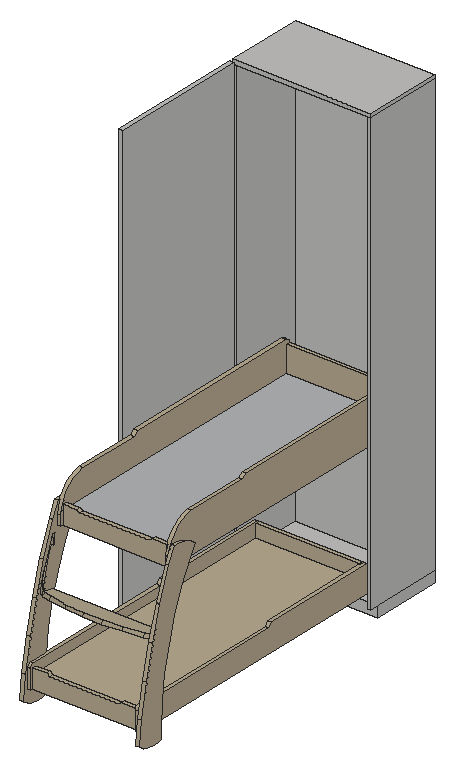
Revit family "Cabinet bed Tobi unfolded", category Casework, Revit 2013
Parameters
  Youtube clip = ""
  Width = 700 mm
  Weight Net (kg) = 0 mm
  Uniclass 2.0 Description = ""
  Uniclass 2.0 Code = ""
  Uniclass 1.4 Description = ""
  Uniclass 1.4 Code = ""
  URL = "http://vaneritarvike.bimobject.com/7530"
  UNSPC code = 56
  UNSPC Category = "Furniture and Furnishings"
  Technical description = ""
  Product identifier = ""
  Product data url = "http://www.vaneritarvike.fi/index.php?sivu=paivakotikalusteet&r_id=72&kieli=1"
  Product certification = ""
  Unfolded [instance] = yes
  Name of the object = "Cabinet bed Tobi unfolded"
  NBS Reference Description = ""
  NBS Reference = ""
  Manufacturer URL = "http://www.vaneritarvike.fi"
  Installation instructions = ""
  IFC Classification = "Furniture"
  Height = 2300 mm
  EAN code = ""
  Depth = 1800 mm
  COBIe Type Category = ""
  Bed [instance] = Unfolded  # yes
  Product group = "Cabinet bed"
  Product family = "Kindergarten Furniture"
  Product SKU = "7530"
  Model = "Cabinet bed Tobi unfolded"
  Side Panel Material = Valkoinen
  Top Panel Material = Valkoinen
  Handle Material = Valkoinen
  Door Material = Valkoinen
  Legs Support Material = koivu
  Bottom Bed Material = koivu
  Bed Legs Material = koivu
  Bed Top Side Panel Material = koivu
  Bed Material = Ma_tpatja
  Bed Bottom Side Panel Material = koivu
  Manufacturer = "Nokian Vaneritarvike Oy"
  Manufacture country = "Finland"
  Edition number = "2"
  Design country = "Finland"
  Date of publishing = "4/2/2013"
  Bottom Panel Material = Valkoinen
  Back Panel Material = Valkoinen
  BIMobject QR code url = "http://vaneritarvike.bimobject.com/7530"
  BIMobject Category = "Furniture"
  Ang [instance] = if(Unfolded, 90.00°, 0.00°)  # 90.00°
Reference planes
  plane 1 "Center (Front/Back)": y = 0
  plane 2: z = 0
  plane 3 "Center (Left/Right)": x = 0
  plane 4: x = -350
  plane 5: x = 350
  plane 6: y = -1800
  plane 7: y = -419.875
  plane 8: y = -399.875
  plane 9: z = 2300
Forms (mm)
  Extrusion 1, solid, material "Valkoinen" <- "Bottom Panel Material"
    sketch origin (0, -200, 0) x (1, 0, 0) y (0, 1, 0)
      loop
        line (-350, -160) -> (350, -160) -> (350, 200) -> (-350, 200) -> (-350, -160)
    from 0 to 55
  Extrusion 2, solid, material "Valkoinen" <- "Side Panel Material"
    sketch origin (0, -200, 0) x (1, 0, 0) y (0, 1, 0)
      loop
        line (-331, 200) -> (-350, 200) -> (-350, -200) -> (-331, -200) -> (-331, 200)
      loop
        line (350, 200) -> (331, 200) -> (331, -200) -> (350, -200) -> (350, 200)
    from 55 to 2280
  Extrusion 3, solid, material "Valkoinen" <- "Top Panel Material"
    sketch origin (0, 9.3, 0) x (1, 0, 0) y (0, 1, 0)
      loop
        line (-350, -9.3) -> (-350, -409.3) -> (350, -409.3) -> (350, -9.3) -> (-350, -9.3)
    from 2280 to 2300
  Extrusion 4, solid, material "Valkoinen" <- "Back Panel Material"
    sketch origin (0, -224.5, 0) x (1, 0, 0) y (0, 1, 0)
      loop
        line (331, 224.5) -> (-331, 224.5) -> (-331, 194.5) -> (331, 194.5) -> (331, 224.5)
    from 55 to 2280
  Extrusion 5, solid, material "Valkoinen" <- "Door Material"
    sketch origin (0, -224.5, 0) x (1, 0, 0) y (0, 1, 0)
      loop
        line (-350, -195.376) -> (-350, -895.376) -> (-330, -895.376) -> (-330, -195.376) -> (-350, -195.376)
    from 55 to 2300
  Extrusion 6, solid, material "koivu" <- "Bed Bottom Side Panel Material", visible <- "Bed"
    sketch origin (0, -225, 0) x (0, 1, 0) y (0, 0, 1)
      loop
        line (-119.114, 80.751) -> (-119.114, 215.751) -> (-719.724, 215.751) -> (-735.557, 195.751) -> (-1536.689, 195.751)
        arc (-1536.689, 195.751) -> (-1548.303, 190.94) -> (-1553.114, 179.325) r 16.425
        line (-1553.114, 179.325) -> (-1553.114, 80.751) -> (-119.114, 80.751)
    from -284 to -265
  Extrusion 7, solid, material "koivu" <- "Bed Bottom Side Panel Material", visible <- "Bed"
    sketch origin (-1.25, -225, 0) x (0, 1, 0) y (0, 0, -1)
      loop
        line (-119.114, -80.751) -> (-1553.114, -80.751) -> (-1553.114, -179.325)
        arc (-1553.114, -179.325) -> (-1548.303, -190.94) -> (-1536.689, -195.751) r 16.425
        line (-1536.689, -195.751) -> (-735.557, -195.751) -> (-719.724, -215.751) -> (-119.114, -215.751) -> (-119.114, -80.751)
    from -284.25 to -265.25
  Extrusion 8, solid, material "koivu" <- "Bed Legs Material", visible <- "Bed"
    sketch origin (0, -224.5, 0) x (0, 1, 0) y (0, 0, 1)
      loop
        line (-1313.999, 642.667) -> (-1259.157, 750.347) -> (-1227.326, 801.703)
        arc (-1227.326, 801.703) -> (-1287.208, 838.34) -> (-1356.785, 847.669) r 170.059
        line (-1356.785, 847.669) -> (-1390.246, 773.587) -> (-1447.827, 621.549) -> (-1495.844, 466.226) -> (-1534.112, 308.217) -> (-1562.483, 148.136) -> (-1575.5, 31.415)
        arc (-1575.5, 31.415) -> (-1523.246, 5.129) -> (-1464.89, 1.113) r 148.173
        line (-1464.89, 1.113) -> (-1443.141, 6.205) -> (-1444.781, 57.12) -> (-1438.477, 177.797) -> (-1422.097, 297.523) -> (-1395.756, 415.458) -> (-1359.639, 530.776) -> (-1313.999, 642.667)
    from -303 to -284
  Extrusion 9, solid, material "koivu" <- "Bed Legs Material", visible <- "Bed"
    sketch origin (0, -224.5, 0) x (0, 1, 0) y (0, 0, -1)
      loop
        line (-1313.999, -642.667) -> (-1359.639, -530.776) -> (-1395.756, -415.458) -> (-1422.097, -297.523) -> (-1438.477, -177.797) -> (-1444.781, -57.12) -> (-1443.141, -6.205) -> (-1464.89, -1.113)
        arc (-1464.89, -1.113) -> (-1523.246, -5.129) -> (-1575.5, -31.415) r 148.173
        line (-1575.5, -31.415) -> (-1562.483, -148.136) -> (-1534.112, -308.217) -> (-1495.844, -466.226) -> (-1447.827, -621.549) -> (-1390.246, -773.587) -> (-1356.785, -847.669)
        arc (-1356.785, -847.669) -> (-1287.208, -838.34) -> (-1227.326, -801.703) r 170.059
        line (-1227.326, -801.703) -> (-1259.157, -750.347) -> (-1313.999, -642.667)
    from -302 to -283
  Extrusion 10, solid, material "koivu" <- "Bed Bottom Side Panel Material", visible <- "Bed"
    sketch origin (0, 0, 0) x (1, 0, 0) y (0, 0, 1)
      loop
        line (-191, 182) -> (-265, 182) -> (-265, 84) -> (264, 84) -> (264, 182) -> (190, 182) -> (174.076, 172.744) -> (-175.076, 172.744) -> (-191, 182)
    from 1754.5 to 1773.5
  Extrusion 11, solid, material "koivu" <- "Bed Bottom Side Panel Material", visible <- "Bed"
    sketch origin (0, 0, 0) x (1, 0, 0) y (0, 0, 1)
      loop
        line (-265, 215.751) -> (-265, 89.751) -> (264, 89.751) -> (264, 215.751) -> (-265, 215.751)
    from 344.114 to 362.927
  Extrusion 12, solid, material "koivu" <- "Bottom Bed Material", visible <- "Bed"
    sketch origin (0, -150, 0) x (0, 1, 0) y (0, 0, 1)
      loop
        line (-1604.5, 150) -> (-1604.5, 100) -> (-212.927, 100) -> (-212.927, 150) -> (-1604.5, 150)
    from -265 to 264
  Extrusion 13, solid, material "koivu" <- "Bed Top Side Panel Material", visible <- "Bed"
    sketch origin (0, 0, 0) x (0, 1, 0) y (0, 0, 1)
      loop
        line (-150.676, 759.928) -> (-150.676, 939.928) -> (-169.676, 939.928) -> (-169.676, 759.928) -> (-150.676, 759.928)
    from -265 to 264
  Extrusion 14, solid, material "koivu" <- "Bed Top Side Panel Material", visible <- "Bed"
    sketch origin (0, -75, 0) x (0, 1, 0) y (0, 0, 1)
      loop
        line (-1029.083, 959.928) -> (-1051.217, 941.928) -> (-1373.175, 941.928)
        arc (-1373.175, 941.928) -> (-1471.237, 891.919) -> (-1515.676, 791.209) r 164.197
        line (-1515.676, 791.209) -> (-1515.676, 739.928) -> (-75.676, 739.928) -> (-75.676, 939.928)
        arc (-75.676, 939.928) -> (-80.925, 953.466) -> (-93.927, 959.928) r 20.084
        line (-93.927, 959.928) -> (-1029.083, 959.928)
    from -284 to -265
  Extrusion 15, solid, material "koivu" <- "Bed Top Side Panel Material", visible <- "Bed"
    sketch origin (0, -75, 0) x (0, 1, 0) y (0, 0, -1)
      loop
        line (-1029.083, -959.928) -> (-93.927, -959.928)
        arc (-93.927, -959.928) -> (-80.925, -953.466) -> (-75.676, -939.928) r 20.084
        line (-75.676, -939.928) -> (-75.676, -739.928) -> (-1515.676, -739.928) -> (-1515.676, -791.209)
        arc (-1515.676, -791.209) -> (-1471.237, -891.919) -> (-1373.175, -941.928) r 164.197
        line (-1373.175, -941.928) -> (-1051.217, -941.928) -> (-1029.083, -959.928)
    from -283 to -264
  Extrusion 16, solid, material "Ma_tpatja" <- "Bed Material", visible <- "Bed"
    sketch origin (0, 0, 0) x (1, 0, 0) y (0, 0, 1)
      loop
        line (264, 760) -> (264, 810) -> (-265, 810) -> (-265, 760) -> (264, 760)
    from 169.676 to 1561.5
  Extrusion 17, solid, material "koivu" <- "Bed Top Side Panel Material", visible <- "Bed"
    sketch origin (0, 0, 0) x (1, 0, 0) y (0, 0, 1)
      loop
        line (-191, 838) -> (-265, 838) -> (-265, 740) -> (264, 740) -> (264, 838) -> (190, 838) -> (174.076, 828.744) -> (-175.076, 828.744) -> (-191, 838)
    from 1561.5 to 1580.5
  Extrusion 18, solid, material "koivu" <- "Legs Support Material", visible <- "Bed"
    sketch origin (0, -327.014, -244.458) x (1, 0, 0) y (0, 0.984808, -0.173648)
      loop
        line (283, -1404.322) -> (-284, -1404.322) -> (-284, -1459.664) -> (-277.569, -1459.664) -> (-231.99, -1473.964) -> (-138.294, -1493.024) -> (-43.088, -1502.333) -> (52.584, -1501.792) -> (147.674, -1491.405) -> (241.141, -1471.286) -> (276.569, -1459.664) -> (283, -1459.664) -> (283, -1404.322)
    from 457.455 to 477.024
  Extrusion 19, void
    sketch origin (-284, -224.5, 0) x (0, -1, 0) y (0, 0, 1)
      loop
        line (1415.853, 616.217) -> (1444.954, 522.998) -> (1448.966, 501.064)
        arc (1448.966, 501.064) -> (1447.88, 488.273) -> (1440.461, 477.796) r 24.446
        arc (1440.461, 477.796) -> (1426.646, 472.48) -> (1412.098, 469.742) r 81.79
        arc (1412.098, 469.742) -> (1403.722, 459.305) -> (1413.774, 450.472) r 9.681
        line (1413.774, 450.472) -> (1453.117, 453.894) -> (1457.63, 456.1) -> (1462.392, 459.656) -> (1466.464, 463.985) -> (1469.723, 468.955) -> (1472.068, 474.416) -> (1473.43, 480.201) -> (1473.767, 486.134) -> (1473.418, 489.085) -> (1458.903, 546.366) -> (1419.524, 660.6) -> (1396.159, 713.524)
        arc (1396.159, 713.524) -> (1387.136, 715.454) -> (1381.466, 708.176) r 8.687
        line (1381.466, 708.176) -> (1376.801, 662.606)
        arc (1376.801, 662.606) -> (1378.557, 653.727) -> (1387.436, 651.97) r 8.133
        line (1387.436, 651.97) -> (1396.51, 661.05) -> (1415.853, 616.217)
    from 0 to 11.359
  Extrusion 20, void
    sketch origin (284, -225, 0) x (0, -1, 0) y (0, 0, -1)
      loop
        line (1415.853, -616.217) -> (1396.51, -661.05) -> (1387.436, -651.97)
        arc (1387.436, -651.97) -> (1378.557, -653.727) -> (1376.801, -662.606) r 8.133
        line (1376.801, -662.606) -> (1381.466, -708.176)
        arc (1381.466, -708.176) -> (1387.136, -715.454) -> (1396.159, -713.524) r 8.687
        line (1396.159, -713.524) -> (1419.524, -660.6) -> (1458.903, -546.366) -> (1473.418, -489.085) -> (1473.767, -486.134) -> (1473.43, -480.201) -> (1472.068, -474.416) -> (1469.723, -468.955) -> (1466.464, -463.985) -> (1462.392, -459.656) -> (1457.63, -456.1) -> (1453.117, -453.894) -> (1413.774, -450.472)
        arc (1413.774, -450.472) -> (1403.722, -459.305) -> (1412.098, -469.742) r 9.681
        arc (1412.098, -469.742) -> (1426.646, -472.48) -> (1440.461, -477.796) r 81.79
        arc (1440.461, -477.796) -> (1447.88, -488.273) -> (1448.966, -501.064) r 24.446
        line (1448.966, -501.064) -> (1444.954, -522.998) -> (1415.853, -616.217)
    from -1 to 14
  Sweep 21, solid, material "Valkoinen" <- "Handle Material"
    path in 3D
      loop
        line (-350, -1060.018, 0) -> (-350, -1070.018, 0)
    profile origin (-350, -1065.018, 0) x (1, 0, 0) y (0, 0, 1)
      loop
        arc (0, 1267.5) -> (-25.135, 1177.5) -> (0, 1087.5) r 173.697
        line (0, 1087.5) -> (0, 1093.436)
        arc (0, 1093.436) -> (-22.135, 1177.5) -> (0, 1261.564) r 170.697
        line (0, 1261.564) -> (0, 1267.5)
Cuts and joins
  Extrusion 19, Extrusion 20 cuts Extrusion 8
  Extrusion 19, Extrusion 20 cuts Extrusion 18
  Extrusion 20 cuts Extrusion 9
Lines and regions (mm)
  Masking region 1
    outline origin (0, 0, 0) x (1, 0, 0) y (0, 1, 0)
      loop
        line (-350, 0) -> (-350, -419.875) -> (350, -419.875) -> (350, 0) -> (-350, 0)
  symbolic lines, visible <- "Bed"
    curve 1: line (-284, -1553.114, 0) -> (-284, -1226.826, 0)
    curve 2: line (283, -1226.826, 0) -> (283, -1553.114, 0)
    curve 17: line (-284, -419.875, 0) -> (-284, -1590.676, 0)
    curve 18: line (-265, -1778.114, 0) -> (-265, -419.875, 0)
    curve 20: line (264, -419.875, 0) -> (264, -1778.114, 0)
    curve 21: line (283, -1800, 0) -> (283, -419.875, 0)
    curve 23: line (-303, -1451.826, 0) -> (-303, -1800, 0)
    curve 24: line (-303, -1451.826, 0) -> (-284, -1451.826, 0)
    curve 25: line (-303, -1800, 0) -> (-284, -1800, 0)
    curve 26: line (-284, -1800, 0) -> (-284, -1451.826, 0)
    curve 27: line (-284, -1778.114, 0) -> (-265, -1778.114, 0)
    curve 28: line (-265, -1773.5, 0) -> (264, -1773.5, 0)
    curve 29: line (264, -1754.5, 0) -> (-265, -1754.5, 0)
    curve 30: line (264, -1778.114, 0) -> (283, -1778.114, 0)
    curve 31: line (283, -1800, 0) -> (302, -1800, 0)
    curve 32: line (302, -1800, 0) -> (302, -1451.826, 0)
    curve 33: line (283, -1451.826, 0) -> (302, -1451.826, 0)
    curve 34: line (264, -1561.5, 0) -> (-265, -1561.5, 0)
    curve 35: line (-265, -1580.5, 0) -> (264, -1580.5, 0)
  symbolic lines, visible <- "Bed", detail levels fine
    curve 3: line (-231.99, -1470.251, 0) -> (-138.294, -1489.521, 0)
    curve 4: line (-277.569, -1456.168, 0) -> (-231.99, -1470.251, 0)
    curve 5: line (-284, -1456.168, 0) -> (-277.569, -1456.168, 0)
    curve 7: line (-284, -1222.675, 0) -> (-265, -1222.675, 0)
    curve 8: line (264.23, -1222.675, 0) -> (283, -1222.675, 0)
    curve 9: line (-138.294, -1489.521, 0) -> (-43.088, -1498.689, 0)
    curve 10: line (-43.088, -1498.689, 0) -> (52.584, -1498.156, 0)
    curve 11: line (52.584, -1498.156, 0) -> (147.674, -1487.926, 0)
    curve 12: line (147.674, -1487.926, 0) -> (241.141, -1467.613, 0)
    curve 13: line (241.141, -1467.613, 0) -> (276.569, -1456.168, 0)
    curve 14: line (276.569, -1456.168, 0) -> (283, -1456.168, 0)
  symbolic lines, visible <- "Bed", detail levels medium+fine
    curve 6: line (283, -1401.667, 0) -> (-284, -1401.667, 0)
    curve 19: line (-284, -1590.676, 0) -> (-265, -1590.676, 0)
    curve 22: line (264, -1590.676, 0) -> (283, -1590.676, 0)
  reference lines
    curve 15: line (-350, -419.875, 0) -> (-350, -1119.875, 0)
  sketch lines
    curve 16: line (-350, -1060.018, 0) -> (-350, -1070.018, 0)
  symbolic lines
    curve 36: line (-330, -419.875, 0) -> (-350, -419.875, 0)
    curve 37: line (-330, -1119.875, 0) -> (-330, -419.875, 0)
    curve 38: line (-350, -419.875, 0) -> (-350, -1119.875, 0)
    curve 39: line (-350, -1119.875, 0) -> (-330, -1119.875, 0)
  symbolic lines, detail levels medium+fine
    curve 40: line (-375.135, -1060.018, 0) -> (-350, -1060.018, 0)
    curve 41: line (-375.135, -1070.018, 0) -> (-350, -1070.018, 0)
    curve 42: line (-375.135, -1060.018, 0) -> (-375.135, -1070.018, 0)
  symbolic lines, detail levels fine
    curve 43: line (-373.643, -1060.018, 0) -> (-373.643, -1070.018, 0)
    curve 44: line (-372.137, -1060.018, 0) -> (-372.137, -1070.018, 0)
    curve 45: line (-370.631, -1060.018, 0) -> (-370.631, -1070.018, 0)
Dimensions and locks
  equal spacing: plane 4, plane 3 "Center (Left/Right)", plane 5
  "Width": plane 4 to plane 5
  "Depth": plane 1 "Center (Front/Back)" to plane 6
  locked: plane 7 to plane 1 "Center (Front/Back)" at 419.875
  plane 8 to plane 7 = 20 mm
  "Width": curve 15 to curve 15
  Extrusion 5 sketch curve to curve 15 = 20 mm
  curve 42 to curve 43 to curve 44 to curve 45 to curve 15 = 1.492 mm locked, 1.506 mm locked, 1.506 mm locked, 20.631 mm locked
  "Height": plane 9 to level
  "Ang": angle curve 15 to plane 7
  aligned and locked: level to plane 2
  aligned and locked: Extrusion 2 to Extrusion 1
  aligned and locked: Extrusion 2 to Extrusion 3
  aligned and locked: Extrusion 4 to Extrusion 1
  aligned and locked: Extrusion 2 to Extrusion 4
  aligned and locked: Extrusion 5 to Extrusion 1
  aligned and locked: plane 4 to curve 15
  aligned and locked: plane 7 to curve 15
  aligned and locked: Extrusion 5 sketch curve to curve 15  (x3)
  aligned and locked: Extrusion 14 to curve 17
  aligned and locked: curve 18 to Extrusion 14
  aligned and locked: curve 19 to Extrusion 14
  aligned and locked: Extrusion 15 to Extrusion 13
  aligned and locked: Extrusion 15 to curve 20
  aligned and locked: curve 21 to Extrusion 15
  aligned and locked: curve 22 to Extrusion 15
  aligned and locked: curve 23 to cut or joined group of Extrusion 8, Extrusion 19, Extrusion 20
  aligned and locked: curve 24 to cut or joined group of Extrusion 8, Extrusion 19, Extrusion 20
  aligned and locked: curve 25 to cut or joined group of Extrusion 8, Extrusion 19, Extrusion 20
  aligned and locked: curve 26 to cut or joined group of Extrusion 8, Extrusion 19, Extrusion 20
  aligned and locked: curve 27 to Extrusion 6
  aligned and locked: curve 28 to Extrusion 10
  aligned and locked: curve 29 to Extrusion 10
  aligned and locked: curve 30 to Extrusion 7
  aligned and locked: curve 31 to cut or joined group of Extrusion 9, Extrusion 20
  aligned and locked: curve 32 to cut or joined group of Extrusion 9, Extrusion 20
  aligned and locked: curve 33 to cut or joined group of Extrusion 9, Extrusion 20
  aligned and locked: curve 34 to Extrusion 17
  aligned and locked: curve 35 to Extrusion 17
  aligned and locked: plane 1 "Center (Front/Back)" to Masking region 1 sketch curve
  aligned and locked: plane 4 to Masking region 1 sketch curve
  aligned and locked: Masking region 1 sketch curve to plane 7
  aligned and locked: plane 7 to curve 18
  aligned and locked: plane 7 to curve 21
  aligned and locked: plane 7 to curve 20
  aligned and locked: curve 36 to Extrusion 5
  aligned and locked: curve 37 to Extrusion 5
  aligned and locked: curve 38 to Extrusion 5
  aligned and locked: curve 39 to Extrusion 5
  aligned and locked: curve 40 to Sweep 21
  aligned and locked: curve 41 to Sweep 21
Automatic sketch dimensions
  plane 1 "Center (Front/Back)" to Extrusion 1 sketch curve = 0 mm
  Extrusion 1 sketch curve to plane 4 = 0 mm
  Extrusion 1 sketch curve to plane 5 = 0 mm
  plane 1 "Center (Front/Back)" to Extrusion 1 sketch curve = 360 mm
  plane 1 "Center (Front/Back)" to Extrusion 2 sketch curve = 0 mm  (x2)
  Extrusion 2 sketch curve to plane 4 = 0 mm
  Extrusion 2 sketch curve to plane 5 = 0 mm
  plane 1 "Center (Front/Back)" to Extrusion 2 sketch curve = 400 mm  (x2)
  plane 4 to Extrusion 2 sketch curve = 19 mm
  plane 5 to Extrusion 2 sketch curve = 19 mm
  Extrusion 3 sketch curve to plane 4 = 0 mm
  Extrusion 3 sketch curve to plane 5 = 0 mm
  plane 1 "Center (Front/Back)" to Extrusion 3 sketch curve = 0 mm
  plane 1 "Center (Front/Back)" to Extrusion 3 sketch curve = 400 mm
  plane 1 "Center (Front/Back)" to Extrusion 4 sketch curve = 0 mm
  plane 4 to Extrusion 4 sketch curve = 19 mm
  plane 1 "Center (Front/Back)" to Extrusion 4 sketch curve = 30 mm
  plane 5 to Extrusion 4 sketch curve = 19 mm
  level to Extrusion 6 sketch curve = 179.325 mm
  plane 1 "Center (Front/Back)" to Extrusion 6 sketch curve = 1778.114 mm
  level to Extrusion 6 sketch curve = 80.751 mm
  Extrusion 6 sketch curve to Extrusion 6 sketch curve = 16.425 mm
  Extrusion 6 sketch curve to Extrusion 6 sketch curve = 801.132 mm
  level to Extrusion 6 sketch curve = 215.751 mm
  Extrusion 6 sketch curve to Extrusion 6 sketch curve = 15.833 mm
  plane 1 "Center (Front/Back)" to Extrusion 6 sketch curve = 344.114 mm
  level to Extrusion 7 sketch curve = 179.325 mm
  plane 1 "Center (Front/Back)" to Extrusion 7 sketch curve = 1778.114 mm
  level to Extrusion 7 sketch curve = 215.751 mm
  Extrusion 7 sketch curve to Extrusion 7 sketch curve = 16.425 mm
  Extrusion 7 sketch curve to Extrusion 7 sketch curve = 801.132 mm
  Extrusion 7 sketch curve to Extrusion 7 sketch curve = 15.833 mm
  level to Extrusion 7 sketch curve = 80.751 mm
  plane 1 "Center (Front/Back)" to Extrusion 7 sketch curve = 344.114 mm
  level to Extrusion 8 sketch curve = 31.415 mm
  plane 1 "Center (Front/Back)" to Extrusion 8 sketch curve = 1800 mm
  level to Extrusion 8 sketch curve = 1.113 mm
  level to Extrusion 8 sketch curve = 148.136 mm
  Extrusion 8 sketch curve to Extrusion 8 sketch curve = 13.017 mm
  level to Extrusion 8 sketch curve = 308.217 mm
  Extrusion 8 sketch curve to Extrusion 8 sketch curve = 28.371 mm
  level to Extrusion 8 sketch curve = 466.226 mm
  Extrusion 8 sketch curve to Extrusion 8 sketch curve = 38.268 mm
  Extrusion 8 sketch curve to Extrusion 8 sketch curve = 110.61 mm
  level to Extrusion 8 sketch curve = 621.549 mm
  Extrusion 8 sketch curve to Extrusion 8 sketch curve = 48.017 mm
  level to Extrusion 8 sketch curve = 57.12 mm
  Extrusion 8 sketch curve to Extrusion 8 sketch curve = 20.109 mm
  level to Extrusion 8 sketch curve = 6.205 mm
  Extrusion 8 sketch curve to Extrusion 8 sketch curve = 21.749 mm
  level to Extrusion 8 sketch curve = 177.797 mm
  Extrusion 8 sketch curve to Extrusion 8 sketch curve = 6.304 mm
  level to Extrusion 8 sketch curve = 297.523 mm
  Extrusion 8 sketch curve to Extrusion 8 sketch curve = 112.015 mm
  level to Extrusion 8 sketch curve = 415.458 mm
  Extrusion 8 sketch curve to Extrusion 8 sketch curve = 100.088 mm
  Extrusion 8 sketch curve to Extrusion 8 sketch curve = 57.581 mm
  level to Extrusion 8 sketch curve = 530.776 mm
  Extrusion 8 sketch curve to Extrusion 8 sketch curve = 36.117 mm
  Extrusion 8 sketch curve to Extrusion 8 sketch curve = 33.461 mm
  level to Extrusion 8 sketch curve = 642.667 mm
  Extrusion 8 sketch curve to Extrusion 8 sketch curve = 45.64 mm
  Extrusion 8 sketch curve to Extrusion 8 sketch curve = 54.843 mm
  Extrusion 8 sketch curve to Extrusion 8 sketch curve = 31.83 mm
  Extrusion 8 sketch curve to Extrusion 8 sketch curve = 45.619 mm
  Extrusion 8 sketch curve to Extrusion 8 sketch curve = 30.11 mm
  Extrusion 8 sketch curve to Extrusion 8 sketch curve = 107.68 mm
  Extrusion 8 sketch curve to Extrusion 8 sketch curve = 23.24 mm
  Extrusion 8 sketch curve to Extrusion 8 sketch curve = 51.356 mm
  Extrusion 8 sketch curve to Extrusion 8 sketch curve = 74.082 mm
  level to Extrusion 9 sketch curve = 31.415 mm
  plane 1 "Center (Front/Back)" to Extrusion 9 sketch curve = 1800 mm
  level to Extrusion 9 sketch curve = 847.669 mm
  level to Extrusion 9 sketch curve = 148.136 mm
  Extrusion 9 sketch curve to Extrusion 9 sketch curve = 13.017 mm
  level to Extrusion 9 sketch curve = 308.217 mm
  Extrusion 9 sketch curve to Extrusion 9 sketch curve = 28.371 mm
  level to Extrusion 9 sketch curve = 466.226 mm
  Extrusion 9 sketch curve to Extrusion 9 sketch curve = 38.268 mm
  level to Extrusion 9 sketch curve = 1.113 mm
  Extrusion 9 sketch curve to Extrusion 9 sketch curve = 110.61 mm
  level to Extrusion 9 sketch curve = 621.549 mm
  Extrusion 9 sketch curve to Extrusion 9 sketch curve = 48.017 mm
  level to Extrusion 9 sketch curve = 57.12 mm
  Extrusion 9 sketch curve to Extrusion 9 sketch curve = 20.109 mm
  level to Extrusion 9 sketch curve = 6.205 mm
  Extrusion 9 sketch curve to Extrusion 9 sketch curve = 21.749 mm
  level to Extrusion 9 sketch curve = 177.797 mm
  Extrusion 9 sketch curve to Extrusion 9 sketch curve = 6.304 mm
  level to Extrusion 9 sketch curve = 297.523 mm
  Extrusion 9 sketch curve to Extrusion 9 sketch curve = 112.015 mm
  level to Extrusion 9 sketch curve = 415.458 mm
  Extrusion 9 sketch curve to Extrusion 9 sketch curve = 100.088 mm
  Extrusion 9 sketch curve to Extrusion 9 sketch curve = 57.581 mm
  level to Extrusion 9 sketch curve = 530.776 mm
  Extrusion 9 sketch curve to Extrusion 9 sketch curve = 36.117 mm
  Extrusion 9 sketch curve to Extrusion 9 sketch curve = 33.461 mm
  level to Extrusion 9 sketch curve = 642.667 mm
  Extrusion 9 sketch curve to Extrusion 9 sketch curve = 45.64 mm
  Extrusion 9 sketch curve to Extrusion 9 sketch curve = 54.843 mm
  Extrusion 9 sketch curve to Extrusion 9 sketch curve = 31.83 mm
  Extrusion 9 sketch curve to Extrusion 9 sketch curve = 45.619 mm
  Extrusion 9 sketch curve to Extrusion 9 sketch curve = 30.11 mm
  Extrusion 9 sketch curve to Extrusion 9 sketch curve = 45.966 mm
  Extrusion 9 sketch curve to Extrusion 9 sketch curve = 74.082 mm
  Extrusion 9 sketch curve to Extrusion 9 sketch curve = 51.356 mm
  plane 4 to Extrusion 10 sketch curve = 85 mm
  level to Extrusion 10 sketch curve = 84 mm
  Extrusion 10 sketch curve to Extrusion 10 sketch curve = 74 mm
  Extrusion 10 sketch curve to Extrusion 10 sketch curve = 15.924 mm  (x2)
  plane 3 "Center (Left/Right)" to Extrusion 10 sketch curve = 174.076 mm
  plane 5 to Extrusion 10 sketch curve = 86 mm
  Extrusion 10 sketch curve to Extrusion 10 sketch curve = 88.744 mm
  Extrusion 10 sketch curve to Extrusion 10 sketch curve = 9.256 mm  (x2)
  plane 4 to Extrusion 11 sketch curve = 85 mm
  level to Extrusion 11 sketch curve = 89.751 mm
  plane 5 to Extrusion 11 sketch curve = 86 mm
  Extrusion 11 sketch curve to Extrusion 11 sketch curve = 126 mm
  level to Extrusion 12 sketch curve = 150 mm
  plane 1 "Center (Front/Back)" to Extrusion 12 sketch curve = 1754.5 mm
  level to Extrusion 12 sketch curve = 100 mm
  plane 1 "Center (Front/Back)" to Extrusion 12 sketch curve = 362.927 mm
  plane 1 "Center (Front/Back)" to Extrusion 13 sketch curve = 169.676 mm
  plane 1 "Center (Front/Back)" to Extrusion 13 sketch curve = 150.676 mm
  level to Extrusion 13 sketch curve = 759.928 mm
  Extrusion 13 sketch curve to Extrusion 13 sketch curve = 180 mm
  plane 1 "Center (Front/Back)" to Extrusion 14 sketch curve = 1590.676 mm
  level to Extrusion 14 sketch curve = 739.928 mm
  Extrusion 14 sketch curve to Extrusion 14 sketch curve = 142.502 mm
  Extrusion 14 sketch curve to Extrusion 14 sketch curve = 321.958 mm
  Extrusion 14 sketch curve to Extrusion 14 sketch curve = 22.134 mm
  plane 1 "Center (Front/Back)" to Extrusion 14 sketch curve = 168.927 mm
  plane 1 "Center (Front/Back)" to Extrusion 14 sketch curve = 150.676 mm
  Extrusion 14 sketch curve to Extrusion 14 sketch curve = 163.751 mm
  Extrusion 14 sketch curve to Extrusion 14 sketch curve = 20.084 mm
  Extrusion 14 sketch curve to Extrusion 14 sketch curve = 51.281 mm
  Extrusion 14 sketch curve to Extrusion 14 sketch curve = 200 mm
  Extrusion 14 sketch curve to Extrusion 14 sketch curve = 18 mm
  plane 1 "Center (Front/Back)" to Extrusion 15 sketch curve = 1590.676 mm
  plane 1 "Center (Front/Back)" to Extrusion 15 sketch curve = 168.927 mm
  level to Extrusion 15 sketch curve = 959.928 mm
  Extrusion 15 sketch curve to Extrusion 15 sketch curve = 142.502 mm
  Extrusion 15 sketch curve to Extrusion 15 sketch curve = 321.958 mm
  Extrusion 15 sketch curve to Extrusion 15 sketch curve = 22.134 mm
  plane 1 "Center (Front/Back)" to Extrusion 15 sketch curve = 150.676 mm
  Extrusion 15 sketch curve to Extrusion 15 sketch curve = 21.249 mm
  Extrusion 15 sketch curve to Extrusion 15 sketch curve = 20.084 mm
  Extrusion 15 sketch curve to Extrusion 15 sketch curve = 18 mm
  Extrusion 15 sketch curve to Extrusion 15 sketch curve = 150.719 mm
  Extrusion 15 sketch curve to Extrusion 15 sketch curve = 51.281 mm
  plane 4 to Extrusion 16 sketch curve = 85 mm
  level to Extrusion 16 sketch curve = 760 mm
  plane 5 to Extrusion 16 sketch curve = 86 mm
  Extrusion 16 sketch curve to Extrusion 16 sketch curve = 50 mm
  plane 4 to Extrusion 17 sketch curve = 85 mm
  plane 5 to Extrusion 17 sketch curve = 86 mm
  level to Extrusion 17 sketch curve = 740 mm
  Extrusion 17 sketch curve to Extrusion 17 sketch curve = 74 mm
  Extrusion 17 sketch curve to Extrusion 17 sketch curve = 15.924 mm  (x2)
  Extrusion 17 sketch curve to Extrusion 17 sketch curve = 89.924 mm
  Extrusion 17 sketch curve to Extrusion 17 sketch curve = 88.744 mm
  Extrusion 17 sketch curve to Extrusion 17 sketch curve = 9.256 mm  (x2)
  plane 4 to Extrusion 18 sketch curve = 66 mm
  Extrusion 18 sketch curve to plane 3 "Center (Left/Right)" = 43.088 mm
  plane 3 "Center (Left/Right)" to Extrusion 18 sketch curve = 52.584 mm
  Extrusion 18 sketch curve to plane 3 "Center (Left/Right)" = 138.294 mm
  plane 3 "Center (Left/Right)" to Extrusion 18 sketch curve = 147.674 mm
  plane 4 to Extrusion 18 sketch curve = 118.01 mm
  plane 5 to Extrusion 18 sketch curve = 108.859 mm
  plane 5 to Extrusion 18 sketch curve = 67 mm
  plane 5 to Extrusion 18 sketch curve = 73.431 mm
  plane 4 to Extrusion 18 sketch curve = 72.431 mm
  Extrusion 18 sketch curve to Extrusion 18 sketch curve = 0.542 mm
  Extrusion 18 sketch curve to Extrusion 18 sketch curve = 9.31 mm
  Extrusion 18 sketch curve to Extrusion 18 sketch curve = 10.387 mm
  Extrusion 18 sketch curve to Extrusion 18 sketch curve = 19.059 mm
  Extrusion 18 sketch curve to Extrusion 18 sketch curve = 20.119 mm
  Extrusion 18 sketch curve to Extrusion 18 sketch curve = 11.621 mm
  Extrusion 18 sketch curve to Extrusion 18 sketch curve = 14.3 mm
  Extrusion 18 sketch curve to Extrusion 18 sketch curve = 55.343 mm
  Extrusion 8 to Extrusion 19 sketch curve = 4.608 mm
  Extrusion 8 to Extrusion 19 sketch curve = 35.373 mm
  Extrusion 8 to Extrusion 19 sketch curve = 1.682 mm
  Extrusion 19 sketch curve to Extrusion 8 = 10.444 mm
  Extrusion 19 sketch curve to Extrusion 19 sketch curve = 4.665 mm
  Extrusion 19 sketch curve to Extrusion 19 sketch curve = 10.636 mm  (x2)
  Extrusion 19 sketch curve to Extrusion 19 sketch curve = 14.693 mm
  Extrusion 19 sketch curve to Extrusion 19 sketch curve = 9.073 mm
  Extrusion 19 sketch curve to Extrusion 19 sketch curve = 28.416 mm
  Extrusion 19 sketch curve to Extrusion 19 sketch curve = 23.014 mm
  Extrusion 19 sketch curve to Extrusion 19 sketch curve = 31.18 mm
  Extrusion 19 sketch curve to Extrusion 19 sketch curve = 4.012 mm
  Extrusion 19 sketch curve to Extrusion 19 sketch curve = 39.342 mm
  Extrusion 19 sketch curve to Extrusion 19 sketch curve = 4.513 mm
  Extrusion 19 sketch curve to Extrusion 19 sketch curve = 13.949 mm
  Extrusion 19 sketch curve to Extrusion 19 sketch curve = 4.762 mm
  Extrusion 19 sketch curve to Extrusion 19 sketch curve = 4.072 mm
  Extrusion 19 sketch curve to Extrusion 19 sketch curve = 3.259 mm
  Extrusion 19 sketch curve to Extrusion 19 sketch curve = 2.346 mm
  Extrusion 19 sketch curve to Extrusion 19 sketch curve = 1.349 mm
  Extrusion 19 sketch curve to Extrusion 19 sketch curve = 1.362 mm
  Extrusion 19 sketch curve to Extrusion 19 sketch curve = 0.349 mm
  Extrusion 19 sketch curve to Extrusion 19 sketch curve = 3.128 mm
  Extrusion 19 sketch curve to Extrusion 19 sketch curve = 6.051 mm
  Extrusion 19 sketch curve to Extrusion 19 sketch curve = 40.651 mm
  Extrusion 19 sketch curve to Extrusion 19 sketch curve = 1.676 mm
  Extrusion 19 sketch curve to Extrusion 19 sketch curve = 1.268 mm
  Extrusion 19 sketch curve to Extrusion 19 sketch curve = 24.047 mm
  Extrusion 19 sketch curve to Extrusion 19 sketch curve = 15.541 mm
  Extrusion 19 sketch curve to Extrusion 19 sketch curve = 3.422 mm
  Extrusion 19 sketch curve to Extrusion 19 sketch curve = 2.206 mm
  Extrusion 19 sketch curve to Extrusion 19 sketch curve = 3.556 mm
  Extrusion 19 sketch curve to Extrusion 19 sketch curve = 4.329 mm
  Extrusion 19 sketch curve to Extrusion 19 sketch curve = 4.97 mm
  Extrusion 19 sketch curve to Extrusion 19 sketch curve = 5.461 mm
  Extrusion 19 sketch curve to Extrusion 19 sketch curve = 5.785 mm
  Extrusion 19 sketch curve to Extrusion 19 sketch curve = 5.934 mm
  Extrusion 19 sketch curve to Extrusion 19 sketch curve = 2.951 mm
  Extrusion 19 sketch curve to Extrusion 19 sketch curve = 11.978 mm
  Extrusion 19 sketch curve to Extrusion 19 sketch curve = 21.934 mm
  Extrusion 19 sketch curve to Extrusion 19 sketch curve = 23.368 mm
  Extrusion 19 sketch curve to Extrusion 19 sketch curve = 46.389 mm
  Extrusion 19 sketch curve to Extrusion 19 sketch curve = 8.63 mm
  Extrusion 19 sketch curve to Extrusion 19 sketch curve = 1.572 mm
  Extrusion 19 sketch curve to Extrusion 19 sketch curve = 45.57 mm
  Extrusion 19 sketch curve to Extrusion 19 sketch curve = 5.348 mm
  Extrusion 19 sketch curve to Extrusion 19 sketch curve = 9.672 mm
  Extrusion 19 sketch curve to Extrusion 19 sketch curve = 23.268 mm
  level to Extrusion 20 sketch curve = 662.606 mm
  plane 1 "Center (Front/Back)" to Extrusion 20 sketch curve = 1601.801 mm
  level to Extrusion 20 sketch curve = 713.524 mm
  Extrusion 20 sketch curve to Extrusion 20 sketch curve = 4.665 mm
  level to Extrusion 20 sketch curve = 651.97 mm
  Extrusion 20 sketch curve to Extrusion 20 sketch curve = 10.636 mm
  Extrusion 20 sketch curve to Extrusion 20 sketch curve = 14.693 mm
  level to Extrusion 20 sketch curve = 661.05 mm
  Extrusion 20 sketch curve to Extrusion 20 sketch curve = 9.073 mm
  level to Extrusion 20 sketch curve = 450.472 mm
  Extrusion 20 sketch curve to Extrusion 20 sketch curve = 26.338 mm
  level to Extrusion 20 sketch curve = 616.217 mm
  Extrusion 20 sketch curve to Extrusion 20 sketch curve = 28.416 mm
  level to Extrusion 20 sketch curve = 660.6 mm
  Extrusion 20 sketch curve to Extrusion 20 sketch curve = 23.014 mm
  level to Extrusion 20 sketch curve = 522.998 mm
  Extrusion 20 sketch curve to Extrusion 20 sketch curve = 31.18 mm
  level to Extrusion 20 sketch curve = 501.064 mm
  Extrusion 20 sketch curve to Extrusion 20 sketch curve = 4.012 mm
  level to Extrusion 20 sketch curve = 453.894 mm
  Extrusion 20 sketch curve to Extrusion 20 sketch curve = 39.342 mm
  level to Extrusion 20 sketch curve = 456.1 mm
  Extrusion 20 sketch curve to Extrusion 20 sketch curve = 4.513 mm
  level to Extrusion 20 sketch curve = 546.366 mm
  Extrusion 20 sketch curve to Extrusion 20 sketch curve = 13.949 mm
  level to Extrusion 20 sketch curve = 459.656 mm
  Extrusion 20 sketch curve to Extrusion 20 sketch curve = 4.762 mm
  level to Extrusion 20 sketch curve = 463.985 mm
  Extrusion 20 sketch curve to Extrusion 20 sketch curve = 4.072 mm
  level to Extrusion 20 sketch curve = 468.955 mm
  Extrusion 20 sketch curve to Extrusion 20 sketch curve = 3.259 mm
  level to Extrusion 20 sketch curve = 474.416 mm
  Extrusion 20 sketch curve to Extrusion 20 sketch curve = 2.346 mm
  level to Extrusion 20 sketch curve = 489.085 mm
  Extrusion 20 sketch curve to Extrusion 20 sketch curve = 1.349 mm
  level to Extrusion 20 sketch curve = 480.201 mm
  Extrusion 20 sketch curve to Extrusion 20 sketch curve = 1.362 mm
  level to Extrusion 20 sketch curve = 486.134 mm
  Extrusion 20 sketch curve to Extrusion 20 sketch curve = 0.349 mm
  Extrusion 20 sketch curve to Extrusion 20 sketch curve = 7.507 mm
  Extrusion 20 sketch curve to Extrusion 20 sketch curve = 8.642 mm
  Extrusion 20 sketch curve to Extrusion 20 sketch curve = 40.651 mm
  Extrusion 20 sketch curve to Extrusion 20 sketch curve = 1.676 mm
  Extrusion 20 sketch curve to Extrusion 20 sketch curve = 1.268 mm
  Extrusion 20 sketch curve to Extrusion 20 sketch curve = 24.047 mm
  Extrusion 20 sketch curve to Extrusion 20 sketch curve = 15.541 mm
  Extrusion 20 sketch curve to Extrusion 20 sketch curve = 5.348 mm
  Extrusion 20 sketch curve to Extrusion 20 sketch curve = 28.162 mm
  Extrusion 20 sketch curve to Extrusion 20 sketch curve = 4.399 mm
  Sweep 21 sketch curve to Sweep 21 sketch curve = 0 mm  (x2)
  profile plane to Sweep 21 sketch curve = 0 mm  (x2)
  profile plane to Sweep 21 sketch curve = 1087.5 mm
  Sweep 21 sketch curve to profile plane = 148.562 mm
  Sweep 21 sketch curve to Sweep 21 sketch curve = 5.936 mm
  Sweep 21 sketch curve to Sweep 21 sketch curve = 168.129 mm
  Masking region 1 sketch curve to plane 5 = 0 mm
  plane 4 to curve 5 = 72.431 mm
  curve 10 to plane 3 "Center (Left/Right)" = 43.088 mm
  plane 6 to curve 10 = 301.311 mm
  plane 7 to curve 17 = 0 mm
  curve 4 to curve 3 = 45.58 mm
  curve 3 to curve 3 = 93.696 mm
  plane 3 "Center (Left/Right)" to curve 11 = 52.584 mm
  curve 10 to curve 11 = 95.091 mm
  curve 12 to curve 32 = 60.859 mm
  curve 13 to curve 32 = 25.431 mm
  curve 24 to curve 6 = 0 mm
  curve 8 to curve 8 = 18.77 mm
  curve 6 to curve 32 = 19 mm
  curve 9 to curve 10 = 0.533 mm
  curve 9 to curve 3 = 9.168 mm
  curve 10 to curve 11 = 10.229 mm
  curve 4 to curve 24 = 18.425 mm
  curve 13 to curve 33 = 15.787 mm
  curve 13 to curve 33 = 4.342 mm
  curve 4 to curve 24 = 4.342 mm
  curve 34 to curve 2 = 8.386 mm
  curve 34 to curve 1 = 8.386 mm
  curve 26 to curve 24 = 0 mm
  curve 24 to curve 6 = 50.16 mm
  curve 6 to curve 2 = 174.84 mm
  curve 6 to curve 1 = 174.84 mm
  curve 2 to curve 8 = 4.152 mm
  curve 1 to curve 7 = 4.152 mm
